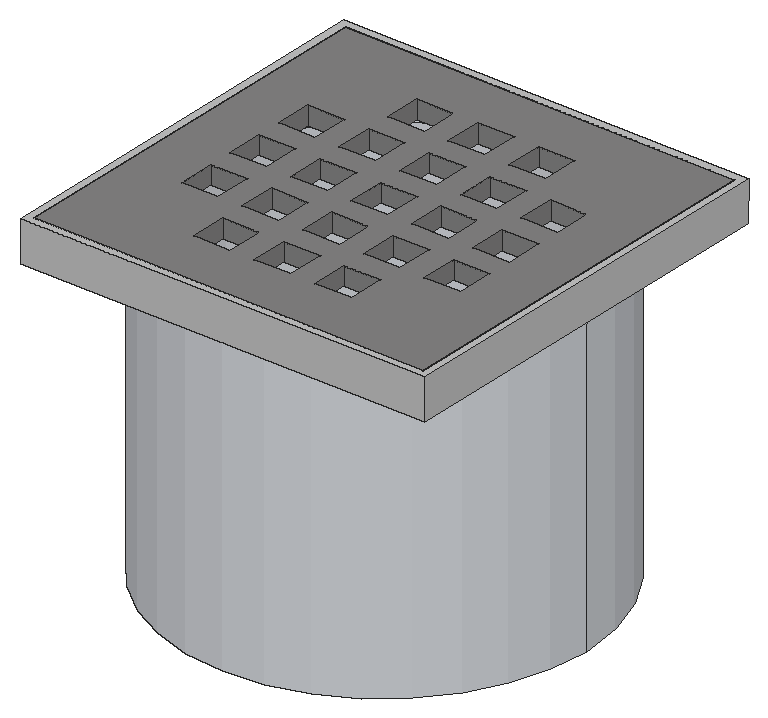
Revit family "PX_SEQ_Grate-Outlet-110x110_PC097700", category Plumbing Fixtures, Revit 2016
Family settings
  Part Type = Normal
  Round Connector Dimension = Use Diameter
  Work Plane-Based = No
  Always vertical = Yes
  Cut with Voids When Loaded = No
  Shared = No
  Room Calculation Point = No
Parameters (values of type "SEQ Grate Outlet")
  URL for TCP = "http://www.tcpbim.co.za"
  URL = "https://seaqual.co.za/products/balconydrain-2nd-fix-110x110-ss-grate"
  Type Comments = "BalconyDrain 2nd Fix 110x1100 S/S Grate"
  Stainless Steel = Stainless Steel
  Plastic = Plastic
  Model = "097700"
  Manufacturer = "Seaqual"
  Made By = "Tolani Civil Projects cc"
  ASAQS Code = "6.603.10"
Reference planes
  plane 1 "Center (Front/Back)": y = 0
  plane 2: z = 0
  plane 3 "Center (Left/Right)": x = 0
  plane 4: y = 55
  plane 5: x = 55
  plane 6: y = -55
  plane 7: x = -55
  plane 8: y = 53
  plane 9: y = -53
  plane 10: x = -53
  plane 11: x = 53
  plane 12: z = 5
  plane 13: z = -6
  plane 14: z = -3
  plane 15: z = -86
  plane 16: x = -55
  plane 17: x = -5
  plane 18: x = -11.5
  plane 19: x = -21.5
  plane 20: x = -28
  plane 21: x = -38
  plane 22: x = 5
  plane 23: x = 11.5
  plane 24: x = 21.5
  plane 25: x = 28
  plane 26: x = 38
  plane 27: y = -5
  plane 28: y = -11.5
  plane 29: y = -21.5
  plane 30: y = -28
  plane 31: y = -38
  plane 32: y = 5
  plane 33: y = 11.5
  plane 34: y = 21.5
  plane 35: y = 28
  plane 36: y = 38
Forms (mm)
  Revolve 1, solid
    sketch origin (0, 0, 0) x (1, 0, 0) y (0, 0, 1)
      loop
        line (-55, -86) -> (-53, -86) -> (-53, -6) -> (-55, -6) -> (-55, -86)
      axis (0, -6) -> (0, -86)
    angle from 0 to 360
  Sweep 2, solid, material "Plastic" <- "Plastic"
    path origin (0, 0, 0) x (1, 0, 0) y (0, 1, 0)
      loop
        line (-55, 55) -> (-55, -55) -> (55, -55) -> (55, 55) -> (-55, 55)
    profile origin (-55, 0, 0) x (-1, 0, 0) y (0, 0, 1)
      loop
        line (0, 5) -> (-2, 5) -> (-2, 0) -> (-5.454, 0) -> (-5.454, -6) -> (0, -6) -> (0, 4) -> (0, 5)
  Extrusion 3, solid, material "Stainless Steel" <- "Stainless Steel"
    sketch origin (0, 0, 0) x (1, 0, 0) y (0, 1, 0)
      loop
        line (-53, 53) -> (-53, -53) -> (53, -53) -> (53, 53) -> (-53, 53)
      loop
        line (-5, 38) -> (-5, 28) -> (5, 28) -> (5, 38) -> (-5, 38)
      loop
        line (-21.5, 38) -> (-21.5, 28) -> (-11.5, 28) -> (-11.5, 38) -> (-21.5, 38)
      loop
        line (11.5, 38) -> (11.5, 28) -> (21.5, 28) -> (21.5, 38) -> (11.5, 38)
      loop
        line (-5, 21.5) -> (-5, 11.5) -> (5, 11.5) -> (5, 21.5) -> (-5, 21.5)
      loop
        line (-21.5, 21.5) -> (-21.5, 11.5) -> (-11.5, 11.5) -> (-11.5, 21.5) -> (-21.5, 21.5)
      loop
        line (11.5, 21.5) -> (11.5, 11.5) -> (21.5, 11.5) -> (21.5, 21.5) -> (11.5, 21.5)
      loop
        line (-5, 5) -> (-5, -5) -> (5, -5) -> (5, 5) -> (-5, 5)
      loop
        line (-21.5, 5) -> (-21.5, -5) -> (-11.5, -5) -> (-11.5, 5) -> (-21.5, 5)
      loop
        line (11.5, 5) -> (11.5, -5) -> (21.5, -5) -> (21.5, 5) -> (11.5, 5)
      loop
        line (-5, -11.5) -> (-5, -21.5) -> (5, -21.5) -> (5, -11.5) -> (-5, -11.5)
      loop
        line (-21.5, -11.5) -> (-21.5, -21.5) -> (-11.5, -21.5) -> (-11.5, -11.5) -> (-21.5, -11.5)
      loop
        line (11.5, -11.5) -> (11.5, -21.5) -> (21.5, -21.5) -> (21.5, -11.5) -> (11.5, -11.5)
      loop
        line (-5, -28) -> (-5, -38) -> (5, -38) -> (5, -28) -> (-5, -28)
      loop
        line (-21.5, -28) -> (-21.5, -38) -> (-11.5, -38) -> (-11.5, -28) -> (-21.5, -28)
      loop
        line (11.5, -28) -> (11.5, -38) -> (21.5, -38) -> (21.5, -28) -> (11.5, -28)
      loop
        line (28, 21.5) -> (28, 11.5) -> (38, 11.5) -> (38, 21.5) -> (28, 21.5)
      loop
        line (28, 5) -> (28, -5) -> (38, -5) -> (38, 5) -> (28, 5)
      loop
        line (28, -11.5) -> (28, -21.5) -> (38, -21.5) -> (38, -11.5) -> (28, -11.5)
      loop
        line (-38, 21.5) -> (-38, 11.5) -> (-28, 11.5) -> (-28, 21.5) -> (-38, 21.5)
      loop
        line (-38, 5) -> (-38, -5) -> (-28, -5) -> (-28, 5) -> (-38, 5)
      loop
        line (-38, -11.5) -> (-38, -21.5) -> (-28, -21.5) -> (-28, -11.5) -> (-38, -11.5)
    from 0 to 5
Dimensions and locks
  locked: plane 4 to plane 8 at 2
  locked: plane 6 to plane 9 at 2
  locked: plane 7 to plane 10 at 2
  locked: plane 11 to plane 5 at 2
  plane 7 to plane 3 "Center (Left/Right)" to plane 5 = 55 mm locked, 55 mm locked
  plane 4 to plane 1 "Center (Front/Back)" to plane 6 = 55 mm locked, 55 mm locked
  locked: plane 12 to level at 5
  locked: plane 12 to plane 14 at 8
  locked: plane 12 to plane 13 at 11
  locked: plane 13 to plane 15 at 80
  locked: plane 3 "Center (Left/Right)" to plane 16 at 55
  locked: plane 3 "Center (Left/Right)" to Sweep 2 sketch curve at 49.546
  locked: plane 17 to plane 3 "Center (Left/Right)" at 5
  plane 21 to plane 20 to plane 19 to plane 18 to plane 3 "Center (Left/Right)" = 10 mm, 6.5 mm locked, 10 mm locked, 11.5 mm locked
  plane 26 to plane 25 to plane 24 to plane 23 = 10 mm locked, 6.5 mm locked, 10 mm locked
  plane 3 "Center (Left/Right)" to plane 22 to plane 23 = 5 mm locked, 6.5 mm locked
  plane 31 to plane 30 to plane 29 to plane 28 to plane 27 to plane 1 "Center (Front/Back)" = 10 mm locked, 6.5 mm locked, 10 mm locked, 6.5 mm locked, 5 mm locked
  plane 36 to plane 35 to plane 34 to plane 33 to plane 32 = 10 mm locked, 6.5 mm locked, 10 mm locked, 6.5 mm locked
  aligned and locked: level to plane 2
  aligned and locked: Revolve 1 sketch curve to plane 7
  aligned and locked: plane 13 to Revolve 1 sketch curve
  aligned and locked: plane 10 to Revolve 1 sketch curve
  aligned and locked: Revolve 1 sketch curve to plane 3 "Center (Left/Right)"
  aligned and locked: Sweep 2 sketch curve to plane 4
  aligned and locked: Sweep 2 sketch curve to plane 7
  aligned and locked: Sweep 2 sketch curve to plane 6
  aligned and locked: Sweep 2 sketch curve to plane 5
  aligned and locked: plane 10 to Sweep 2 sketch curve
  aligned and locked: plane 12 to Sweep 2 sketch curve
  aligned and locked: Revolve 1 to Sweep 2 sketch curve
  aligned and locked: profile plane to Sweep 2 sketch curve
  aligned and locked: Sweep 2 sketch curve to Revolve 1
  aligned and locked: Sweep 2 sketch curve to profile plane  (x2)
  aligned and locked: Sweep 2 sketch curve to plane 10
  aligned and locked: Extrusion 3 sketch curve to Sweep 2  (x4)
  aligned and locked: plane 22 to Extrusion 3 sketch curve  (x5)
  aligned and locked: plane 17 to Extrusion 3 sketch curve  (x5)
  aligned and locked: Extrusion 3 sketch curve to plane 36  (x3)
  aligned and locked: plane 35 to Extrusion 3 sketch curve  (x3)
  aligned and locked: Extrusion 3 sketch curve to plane 18
  aligned and locked: plane 19 to Extrusion 3 sketch curve  (x5)
  aligned and locked: plane 23 to Extrusion 3 sketch curve  (x4)
  aligned and locked: plane 24 to Extrusion 3 sketch curve  (x4)
  aligned and locked: Extrusion 3 sketch curve to plane 23
  aligned and locked: plane 18 to Extrusion 3 sketch curve  (x4)
  aligned and locked: plane 34 to Extrusion 3 sketch curve  (x4)
  aligned and locked: plane 33 to Extrusion 3 sketch curve  (x4)
  aligned and locked: plane 32 to Extrusion 3 sketch curve  (x2)
  aligned and locked: plane 27 to Extrusion 3 sketch curve  (x2)
  aligned and locked: plane 29 to Extrusion 3 sketch curve  (x2)
  aligned and locked: plane 30 to Extrusion 3 sketch curve  (x2)
  aligned and locked: plane 31 to Extrusion 3 sketch curve  (x2)
  aligned and locked: plane 28 to Extrusion 3 sketch curve  (x3)
  aligned and locked: Extrusion 3 sketch curve to plane 29  (x2)
  aligned and locked: Extrusion 3 sketch curve to Extrusion 3 sketch curve
  aligned and locked: Extrusion 3 sketch curve to plane 27
  aligned and locked: Extrusion 3 sketch curve to plane 32  (x2)
  aligned and locked: Extrusion 3 sketch curve to plane 34
  aligned and locked: Extrusion 3 to plane 2
  aligned and locked: plane 12 to Extrusion 3
Connectors
  piping at (0, 0, -86), diameter 110
    settings: on Revolve 1, index 1, connector inside diameter 609.6 mm, connector length 0 mm, flow factor 0, pipe flow 0.0 L/s, pressure drop 0.0 Pa, fitting loss kfactor 0, connector angle 0.00°, fixture units 0, engagement length 0 mm, angle of deflection 0.00°, flow configuration 0, flow direction 0, fitting loss method 0, system type 16, joint type 0, gender type 0, connector reference index -1, connector utility 0, adjustable connector no, is connector primary yes, connector description ""
